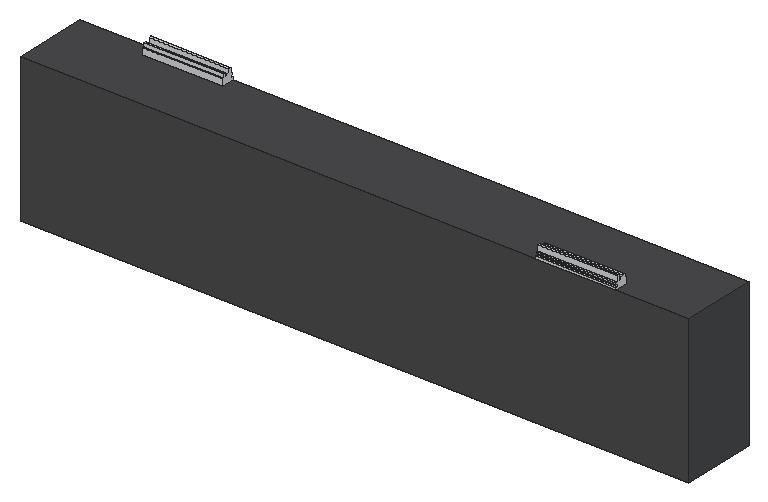
Revit family "DTM15N3.1.36", category Luminarias, Revit 2019
Family settings
  Cota de conector redondo = Diámetro de uso
  Tipo de pieza = Normal
  Se basa en plano de trabajo = Sí
  Siempre vertical = Sí
  Corte con vacíos al cargar = No
  Origen de luz = Sí
  Compartido = No
  Punto de cálculo de habitación = No
Parameters (values of type "RECTANGULAR DWN RIEL_DTM15N3.1.36")
  Ángulo de inclinación = 60.00°
  Zone [instance] = ""
  Watt per fixture = 15
  Wattage = 15 W
  built-in parameter 1150107 = 4000 (stored number, unit not read)
  built-in parameter 1150110 = 1 (stored number, unit not read)
  built-in parameter 1150109 = 1 (stored number, unit not read)
  built-in parameter 1150112 = 1 (stored number, unit not read)
  built-in parameter 1150113 = 1 (stored number, unit not read)
  built-in parameter 1114218 = 1 (stored number, unit not read)
  Keynote = ""
  built-in parameter 1150137 = (empty or 0)
  built-in parameter 1150132 = (empty or 0)
  Modelo = "DTM15N3.1.36"
  Lámpara = "3030SMD PHILIPS"
  built-in parameter 1150105 = 111.01 (stored number, unit not read)
  built-in parameter 1150102 = (empty or 0)
  built-in parameter 1150106 = 1.1101 (stored number, unit not read)
  Lumens = 1395 lm
  Color Filter = 16777215
  built-in parameter 1114217 = 1 (stored number, unit not read)
  built-in parameter 1150139 = (empty or 0)
  Fabricante = "BRILLANT"
  Default Elevation = 1219.2 mm
  built-in parameter 1150104 = 8.64 (stored number, unit not read)
  Descripción = "LUMINARIA DOWNLIGHT EN FORMATO RECTANGULAR COMPATIBLE CON RIEL DE 6 ENTRADAS Y 3 CIRCUITOS, CUERPO DE ALUMINIO ACABADO EN COLOR NEGRO, IP 20, PESO 0.78Kg, TIPO DE LED 3030SMD PHILIPS CON 15W TOTAL, 1400 LUMENES, 93LM/W, IRC 90, TEMPERATURA EN BLANCO FRIO 4000K, 50 MIL HORAS DE VIDA PROMEDIO, APERTURA DE 36 GRADOS POR PROYECTO, ALIMENTADO A 90-240V"
  built-in parameter 1150115 = 1 (stored number, unit not read)
  built-in parameter 1150114 = 1 (stored number, unit not read)
  Comentarios de vataje = "90-240V"
  built-in parameter 1150138 = (empty or 0)
  built-in parameter 1150134 = 12
  Circuit [instance] = ""
  Dimming Lamp Color Temperature Shift = (empty or 0)
  Archivo de red fotométrica = "L328A-15W-840-B-36_IESNA95.IES"
  built-in parameter 1150133 = 10 (stored number, unit not read)
Reference planes
  plane 1 "Centro (Frontal/Posterior)": y = 0
  plane 2: z = 0
  plane 3 "Centro (Izquierda/Derecha)": x = 0
Forms (mm)
  Extrusion 1, solid, material "Default Form"
    sketch origin (0, 0, 0) x (1, 0, 0) y (0, 0, 1)
      loop
        line (-164, 0) -> (-164, -72) -> (164, -72) -> (164, 0) -> (-164, 0)
    from -18.326 to 18.326
  Extrusion 2, solid
    sketch origin (0, 0, 3.217) x (0, 1, 0) y (0, 0, 1)
      loop
        line (-12.149, -3.217) -> (-12.149, 0) -> (-12.935, 0) -> (-12.935, 1.637) -> (-13.796, 1.637) -> (-13.796, 0) -> (-14.582, 0) -> (-14.582, 0.811) -> (-15.443, 0.811) -> (-15.443, 0) -> (-16.233, 0) -> (-16.233, 2.691) -> (-17.279, 2.691) -> (-17.279, 0) -> (-18.061, 0) -> (-18.061, -0.861) -> (-17.162, -0.861) -> (-17.162, -2.042) -> (-18.326, -2.042) -> (-18.326, -3.217) -> (-12.149, -3.217)
    from 89.098 to 128.24
  Blend 3, void
    base sketch origin (0, 0, 0) x (1, 0, 0) y (0, 1, 0)
      loop
        line (-162, 16.149) -> (-162, -16.149) -> (-144.14, -16.149) -> (-144.14, 16.149) -> (-162, 16.149)
    top sketch origin (0, 0, 0) x (1, 0, 0) y (0, 1, 0)
      loop
        line (-160, 12.149) -> (-160, -12.149) -> (-146.14, -12.149) -> (-146.14, 12.149) -> (-160, 12.149)
    from -72 to -61.591
  Blend 4, void
    base sketch origin (21.86, 0, 0) x (1, 0, 0) y (0, 1, 0)
      loop
        line (-162, 16.149) -> (-162, -16.149) -> (-144.14, -16.149) -> (-144.14, 16.149) -> (-162, 16.149)
    top sketch origin (21.86, 0, 0) x (1, 0, 0) y (0, 1, 0)
      loop
        line (-160, 12.149) -> (-160, -12.149) -> (-146.14, -12.149) -> (-146.14, 12.149) -> (-160, 12.149)
    from -72 to -61.591
  Blend 5, void
    base sketch origin (43.72, 0, 0) x (1, 0, 0) y (0, 1, 0)
      loop
        line (-162, 16.149) -> (-162, -16.149) -> (-144.14, -16.149) -> (-144.14, 16.149) -> (-162, 16.149)
    top sketch origin (43.72, 0, 0) x (1, 0, 0) y (0, 1, 0)
      loop
        line (-160, 12.149) -> (-160, -12.149) -> (-146.14, -12.149) -> (-146.14, 12.149) -> (-160, 12.149)
    from -72 to -61.591
  Blend 6, void
    base sketch origin (65.58, 0, 0) x (1, 0, 0) y (0, 1, 0)
      loop
        line (-162, 16.149) -> (-162, -16.149) -> (-144.14, -16.149) -> (-144.14, 16.149) -> (-162, 16.149)
    top sketch origin (65.58, 0, 0) x (1, 0, 0) y (0, 1, 0)
      loop
        line (-160, 12.149) -> (-160, -12.149) -> (-146.14, -12.149) -> (-146.14, 12.149) -> (-160, 12.149)
    from -72 to -61.591
  Blend 7, void
    base sketch origin (87.44, 0, 0) x (1, 0, 0) y (0, 1, 0)
      loop
        line (-162, 16.149) -> (-162, -16.149) -> (-144.14, -16.149) -> (-144.14, 16.149) -> (-162, 16.149)
    top sketch origin (87.44, 0, 0) x (1, 0, 0) y (0, 1, 0)
      loop
        line (-160, 12.149) -> (-160, -12.149) -> (-146.14, -12.149) -> (-146.14, 12.149) -> (-160, 12.149)
    from -72 to -61.591
  Blend 8, void
    base sketch origin (109.3, 0, 0) x (1, 0, 0) y (0, 1, 0)
      loop
        line (-162, 16.149) -> (-162, -16.149) -> (-144.14, -16.149) -> (-144.14, 16.149) -> (-162, 16.149)
    top sketch origin (109.3, 0, 0) x (1, 0, 0) y (0, 1, 0)
      loop
        line (-160, 12.149) -> (-160, -12.149) -> (-146.14, -12.149) -> (-146.14, 12.149) -> (-160, 12.149)
    from -72 to -61.591
  Blend 9, void
    base sketch origin (131.16, 0, 0) x (1, 0, 0) y (0, 1, 0)
      loop
        line (-162, 16.149) -> (-162, -16.149) -> (-144.14, -16.149) -> (-144.14, 16.149) -> (-162, 16.149)
    top sketch origin (131.16, 0, 0) x (1, 0, 0) y (0, 1, 0)
      loop
        line (-160, 12.149) -> (-160, -12.149) -> (-146.14, -12.149) -> (-146.14, 12.149) -> (-160, 12.149)
    from -72 to -61.591
  Blend 10, void
    base sketch origin (153.02, 0, 0) x (1, 0, 0) y (0, 1, 0)
      loop
        line (-162, 16.149) -> (-162, -16.149) -> (-144.14, -16.149) -> (-144.14, 16.149) -> (-162, 16.149)
    top sketch origin (153.02, 0, 0) x (1, 0, 0) y (0, 1, 0)
      loop
        line (-160, 12.149) -> (-160, -12.149) -> (-146.14, -12.149) -> (-146.14, 12.149) -> (-160, 12.149)
    from -72 to -61.591
  Blend 11, void
    base sketch origin (174.88, 0, 0) x (1, 0, 0) y (0, 1, 0)
      loop
        line (-162, 16.149) -> (-162, -16.149) -> (-144.14, -16.149) -> (-144.14, 16.149) -> (-162, 16.149)
    top sketch origin (174.88, 0, 0) x (1, 0, 0) y (0, 1, 0)
      loop
        line (-160, 12.149) -> (-160, -12.149) -> (-146.14, -12.149) -> (-146.14, 12.149) -> (-160, 12.149)
    from -72 to -61.591
  Blend 12, void
    base sketch origin (196.74, 0, 0) x (1, 0, 0) y (0, 1, 0)
      loop
        line (-162, 16.149) -> (-162, -16.149) -> (-144.14, -16.149) -> (-144.14, 16.149) -> (-162, 16.149)
    top sketch origin (196.74, 0, 0) x (1, 0, 0) y (0, 1, 0)
      loop
        line (-160, 12.149) -> (-160, -12.149) -> (-146.14, -12.149) -> (-146.14, 12.149) -> (-160, 12.149)
    from -72 to -61.591
  Blend 13, void
    base sketch origin (218.6, 0, 0) x (1, 0, 0) y (0, 1, 0)
      loop
        line (-162, 16.149) -> (-162, -16.149) -> (-144.14, -16.149) -> (-144.14, 16.149) -> (-162, 16.149)
    top sketch origin (218.6, 0, 0) x (1, 0, 0) y (0, 1, 0)
      loop
        line (-160, 12.149) -> (-160, -12.149) -> (-146.14, -12.149) -> (-146.14, 12.149) -> (-160, 12.149)
    from -72 to -61.591
  Blend 14, void
    base sketch origin (240.46, 0, 0) x (1, 0, 0) y (0, 1, 0)
      loop
        line (-162, 16.149) -> (-162, -16.149) -> (-144.14, -16.149) -> (-144.14, 16.149) -> (-162, 16.149)
    top sketch origin (240.46, 0, 0) x (1, 0, 0) y (0, 1, 0)
      loop
        line (-160, 12.149) -> (-160, -12.149) -> (-146.14, -12.149) -> (-146.14, 12.149) -> (-160, 12.149)
    from -72 to -61.591
  Blend 15, void
    base sketch origin (262.32, 0, 0) x (1, 0, 0) y (0, 1, 0)
      loop
        line (-162, 16.149) -> (-162, -16.149) -> (-144.14, -16.149) -> (-144.14, 16.149) -> (-162, 16.149)
    top sketch origin (262.32, 0, 0) x (1, 0, 0) y (0, 1, 0)
      loop
        line (-160, 12.149) -> (-160, -12.149) -> (-146.14, -12.149) -> (-146.14, 12.149) -> (-160, 12.149)
    from -72 to -61.591
  Blend 16, void
    base sketch origin (284.18, 0, 0) x (1, 0, 0) y (0, 1, 0)
      loop
        line (-162, 16.149) -> (-162, -16.149) -> (-144.14, -16.149) -> (-144.14, 16.149) -> (-162, 16.149)
    top sketch origin (284.18, 0, 0) x (1, 0, 0) y (0, 1, 0)
      loop
        line (-160, 12.149) -> (-160, -12.149) -> (-146.14, -12.149) -> (-146.14, 12.149) -> (-160, 12.149)
    from -72 to -61.591
  Blend 17, void
    base sketch origin (306.04, 0, 0) x (1, 0, 0) y (0, 1, 0)
      loop
        line (-162, 16.149) -> (-162, -16.149) -> (-144.14, -16.149) -> (-144.14, 16.149) -> (-162, 16.149)
    top sketch origin (306.04, 0, 0) x (1, 0, 0) y (0, 1, 0)
      loop
        line (-160, 12.149) -> (-160, -12.149) -> (-146.14, -12.149) -> (-146.14, 12.149) -> (-160, 12.149)
    from -72 to -61.591
  Extrusion 18, solid
    sketch origin (0, 0, 3.217) x (0, -1, 0) y (0, 0, 1)
      loop
        line (-12.149, -3.217) -> (-12.149, 0) -> (-12.935, 0) -> (-12.935, 1.637) -> (-13.796, 1.637) -> (-13.796, 0) -> (-14.582, 0) -> (-14.582, 0.811) -> (-15.443, 0.811) -> (-15.443, 0) -> (-16.233, 0) -> (-16.233, 2.691) -> (-17.279, 2.691) -> (-17.279, 0) -> (-18.061, 0) -> (-18.061, -0.861) -> (-17.162, -0.861) -> (-17.162, -2.042) -> (-18.326, -2.042) -> (-18.326, -3.217) -> (-12.149, -3.217)
    from 89.098 to 128.24
Cuts and joins
  Blend 3, Blend 4, Blend 5, Blend 6, Blend 7, Blend 8, Blend 9, Blend 10, Blend 11, Blend 12, Blend 13, Blend 14, Blend 15, Blend 16, Blend 17 cuts Extrusion 1
Dimensions and locks
  equal spacing: Extrusion 1, plane 1 "Centro (Frontal/Posterior)", Extrusion 1
  Extrusion 1 to plane 1 "Centro (Frontal/Posterior)" = 18.326 mm
  Extrusion 1 to Extrusion 1 = 36.651 mm
  Extrusion 1 to Extrusion 1 = 72 mm
  Extrusion 1 to Extrusion 1 = 328 mm
  equal spacing: group 1, group 2, group 3, group 4, group 5, group 6, group 7, group 8, group 9, group 10, group 11, group 12, group 13, group 14  (x3)
  cut or joined group 1 (Extrusion 1, Blend 3, Blend 4, Blend 5, Blend 6, Blend 7, Blend 8, Blend 9, Blend 10, Blend 11, Blend 12, Blend 13, Blend 14, Blend 15, Blend 16, Blend 17) to cut or joined group 1 = 72 mm
  cut or joined group 1 to cut or joined group 1 = 36.651 mm
  cut or joined group 1 to cut or joined group 1 = 328 mm
  equal spacing: cut or joined group 1, plane 1 "Centro (Frontal/Posterior)", cut or joined group 1
  aligned and locked: level to plane 2
Automatic sketch dimensions
  Blend 4 sketch curve to Blend 4 sketch curve = 17.86 mm
  Blend 4 sketch curve to Blend 4 sketch curve = 13.86 mm
  Blend 4 sketch curve to Blend 4 sketch curve = 32.298 mm
  Blend 4 sketch curve to Blend 4 sketch curve = 24.298 mm
  Blend 5 sketch curve to Blend 5 sketch curve = 17.86 mm
  Blend 5 sketch curve to Blend 5 sketch curve = 13.86 mm
  Blend 5 sketch curve to Blend 5 sketch curve = 32.298 mm
  Blend 5 sketch curve to Blend 5 sketch curve = 24.298 mm
  Blend 6 sketch curve to Blend 6 sketch curve = 17.86 mm
  Blend 6 sketch curve to Blend 6 sketch curve = 13.86 mm
  Blend 6 sketch curve to Blend 6 sketch curve = 32.298 mm
  Blend 6 sketch curve to Blend 6 sketch curve = 24.298 mm
  Blend 7 sketch curve to Blend 7 sketch curve = 17.86 mm
  Blend 7 sketch curve to Blend 7 sketch curve = 13.86 mm
  Blend 7 sketch curve to Blend 7 sketch curve = 32.298 mm
  Blend 7 sketch curve to Blend 7 sketch curve = 24.298 mm
  Blend 8 sketch curve to Blend 8 sketch curve = 17.86 mm
  Blend 8 sketch curve to Blend 8 sketch curve = 13.86 mm
  Blend 8 sketch curve to Blend 8 sketch curve = 32.298 mm
  Blend 8 sketch curve to Blend 8 sketch curve = 24.298 mm
  Blend 9 sketch curve to Blend 9 sketch curve = 17.86 mm
  Blend 9 sketch curve to Blend 9 sketch curve = 13.86 mm
  Blend 9 sketch curve to Blend 9 sketch curve = 32.298 mm
  Blend 9 sketch curve to Blend 9 sketch curve = 24.298 mm
  Blend 10 sketch curve to Blend 10 sketch curve = 17.86 mm
  Blend 10 sketch curve to Blend 10 sketch curve = 13.86 mm
  Blend 10 sketch curve to Blend 10 sketch curve = 32.298 mm
  Blend 10 sketch curve to Blend 10 sketch curve = 24.298 mm
  Blend 11 sketch curve to Blend 11 sketch curve = 17.86 mm
  Blend 11 sketch curve to Blend 11 sketch curve = 13.86 mm
  Blend 11 sketch curve to Blend 11 sketch curve = 32.298 mm
  Blend 11 sketch curve to Blend 11 sketch curve = 24.298 mm
  Blend 12 sketch curve to Blend 12 sketch curve = 17.86 mm
  Blend 12 sketch curve to Blend 12 sketch curve = 13.86 mm
  Blend 12 sketch curve to Blend 12 sketch curve = 32.298 mm
  Blend 12 sketch curve to Blend 12 sketch curve = 24.298 mm
  Blend 13 sketch curve to Blend 13 sketch curve = 17.86 mm
  Blend 13 sketch curve to Blend 13 sketch curve = 13.86 mm
  Blend 13 sketch curve to Blend 13 sketch curve = 32.298 mm
  Blend 13 sketch curve to Blend 13 sketch curve = 24.298 mm
  Blend 14 sketch curve to Blend 14 sketch curve = 17.86 mm
  Blend 14 sketch curve to Blend 14 sketch curve = 13.86 mm
  Blend 14 sketch curve to Blend 14 sketch curve = 32.298 mm
  Blend 14 sketch curve to Blend 14 sketch curve = 24.298 mm
  Blend 15 sketch curve to Blend 15 sketch curve = 17.86 mm
  Blend 15 sketch curve to Blend 15 sketch curve = 13.86 mm
  Blend 15 sketch curve to Blend 15 sketch curve = 32.298 mm
  Blend 15 sketch curve to Blend 15 sketch curve = 24.298 mm
  Blend 16 sketch curve to Blend 16 sketch curve = 17.86 mm
  Blend 16 sketch curve to Blend 16 sketch curve = 13.86 mm
  Blend 16 sketch curve to Blend 16 sketch curve = 32.298 mm
  Blend 16 sketch curve to Blend 16 sketch curve = 24.298 mm
  Blend 17 sketch curve to Blend 17 sketch curve = 17.86 mm
  Blend 17 sketch curve to Blend 17 sketch curve = 13.86 mm
  Blend 17 sketch curve to Blend 17 sketch curve = 32.298 mm
  Blend 17 sketch curve to Blend 17 sketch curve = 24.298 mm
  Extrusion 1 sketch curve to level = 0 mm
  Extrusion 1 sketch curve to level = 72 mm
  Extrusion 1 sketch curve to plane 3 "Centro (Izquierda/Derecha)" = 164 mm
  plane 3 "Centro (Izquierda/Derecha)" to Extrusion 1 sketch curve = 164 mm
  Blend 3 sketch curve to plane 1 "Centro (Frontal/Posterior)" = 16.149 mm
  Blend 3 sketch curve to plane 3 "Centro (Izquierda/Derecha)" = 162 mm
  Blend 3 sketch curve to Blend 3 sketch curve = 17.86 mm
  plane 1 "Centro (Frontal/Posterior)" to Blend 3 sketch curve = 16.149 mm
  Blend 3 sketch curve to plane 1 "Centro (Frontal/Posterior)" = 12.149 mm
  Blend 3 sketch curve to plane 3 "Centro (Izquierda/Derecha)" = 160 mm
  Blend 3 sketch curve to Blend 3 sketch curve = 13.86 mm
  plane 1 "Centro (Frontal/Posterior)" to Blend 3 sketch curve = 12.149 mm
  Extrusion 18 sketch curve to level = 0 mm
  level to Extrusion 18 sketch curve = 1.175 mm
  Extrusion 18 sketch curve to plane 1 "Centro (Frontal/Posterior)" = 18.326 mm
  Extrusion 18 sketch curve to Extrusion 18 sketch curve = 0.265 mm
  Extrusion 18 sketch curve to Extrusion 18 sketch curve = 0.782 mm
  Extrusion 18 sketch curve to Extrusion 18 sketch curve = 1.164 mm
  Extrusion 18 sketch curve to Extrusion 18 sketch curve = 1.046 mm
  Extrusion 18 sketch curve to Extrusion 18 sketch curve = 0.789 mm
  Extrusion 18 sketch curve to Extrusion 18 sketch curve = 0.861 mm  (x3)
  Extrusion 18 sketch curve to Extrusion 18 sketch curve = 0.786 mm
  Extrusion 18 sketch curve to Extrusion 18 sketch curve = 0.785 mm
  Extrusion 18 sketch curve to Extrusion 18 sketch curve = 1.181 mm
  level to Extrusion 18 sketch curve = 3.217 mm
  Extrusion 18 sketch curve to Extrusion 18 sketch curve = 0 mm  (x2)
  Extrusion 18 sketch curve to Extrusion 18 sketch curve = 0.811 mm
  Extrusion 18 sketch curve to Extrusion 18 sketch curve = 0.826 mm
  Extrusion 18 sketch curve to Extrusion 18 sketch curve = 1.88 mm
  Extrusion 2 sketch curve to level = 0 mm
  level to Extrusion 2 sketch curve = 1.175 mm
  plane 1 "Centro (Frontal/Posterior)" to Extrusion 2 sketch curve = 18.326 mm
  Extrusion 2 sketch curve to Extrusion 2 sketch curve = 0.265 mm
  Extrusion 2 sketch curve to Extrusion 2 sketch curve = 0.782 mm
  Extrusion 2 sketch curve to Extrusion 2 sketch curve = 0.117 mm
  Extrusion 2 sketch curve to Extrusion 2 sketch curve = 1.046 mm
  Extrusion 2 sketch curve to Extrusion 2 sketch curve = 0.789 mm
  Extrusion 2 sketch curve to Extrusion 2 sketch curve = 0.861 mm  (x3)
  Extrusion 2 sketch curve to Extrusion 2 sketch curve = 0.786 mm
  Extrusion 2 sketch curve to Extrusion 2 sketch curve = 0.785 mm
  Extrusion 2 sketch curve to Extrusion 2 sketch curve = 1.181 mm
  Extrusion 2 sketch curve to Extrusion 2 sketch curve = 3.217 mm
  Extrusion 2 sketch curve to Extrusion 2 sketch curve = 0 mm  (x2)
  Extrusion 2 sketch curve to Extrusion 2 sketch curve = 0.811 mm
  Extrusion 2 sketch curve to Extrusion 2 sketch curve = 0.826 mm
  Extrusion 2 sketch curve to Extrusion 2 sketch curve = 1.88 mm
Connectors
  electrical at (0, 0, 0)
    settings: on cut or joined group 1, index 1, voltage 240 V, apparent load 0 VA, apparent load phase1 0 VA, apparent load phase2 0 VA, apparent load phase3 0 VA, power factor 1, load classification "Otro", number of poles 1, system type 31, power factor state 1, is connector primary yes, connector utility no, sub classification motor no, connector description ""
